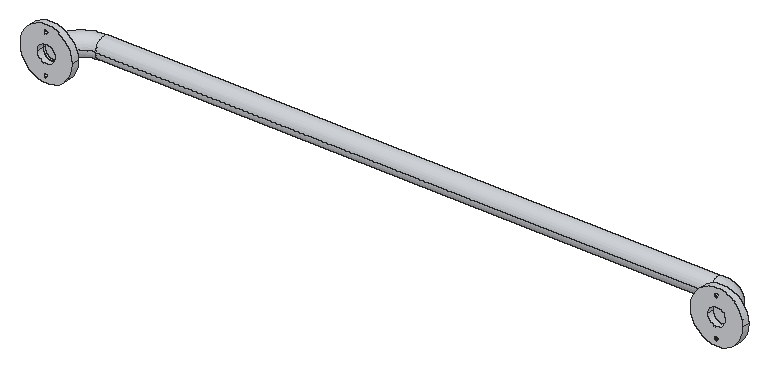
Revit family "AX8032X1117_0002", category Appareils sanitaires, Revit 2016
Family settings
  Hôte = Mur
  Type d'élément = Normal
  Cote de connecteur circulaire = Utiliser le diamètre
  Numéro OmniClass = 23.75.00.00
  Titre OmniClass = Climate Control (HVAC)
  Toujours verticalement = Oui
  Couper avec des vides une fois chargée = Non
  Partagée = Non
  Point de calcul de pièce = Non
Parameters (values of type "Type 1")
  URL = "https://www.axeuro.com/fr/barres-droites/24476-barre-d-appui-ax8032x1117.html"
  Type de produit / Type of product = "Barre de sécurité / Grab bar"  # constant formula
  Référence / Reference = "AX8032X1117"  # constant formula
  Model = ""
  Manufacturer = ""
  Entreprise / Company = "Axeuro"  # constant formula
  Description = ""
Reference planes
  plane 1 "Mur": y = 0
  plane 2 "Centre (gauche/droite)": x = 0
  plane 3 "Arrière": y = 75
  plane 4: z = 0
  plane 5: x = 800
  plane 6: z = 913.522
  plane 7: x = -800
Forms (mm)
  Extrusion 1, solid
    sketch origin (-328, 75, 0) x (-1, 0, 0) y (0, 0, -1)
      loop
        circle (190, -669.455) r 40.5
    from -10 to 0
  Sweep 2, solid
    path origin (552, -18.736, 669.511) x (1, 0, 0) y (0, 1, 0)
      loop
        line (-1070, 103.736) -> (-1070, 105.837)
        arc (-1070, 105.837) -> (-1057.142, 136.878) -> (-1026.102, 149.735) r 43.898
        line (-1026.102, 149.735) -> (-77.898, 149.735)
        arc (-77.898, 149.735) -> (-46.858, 136.878) -> (-34, 105.837) r 43.898
        line (-34, 105.837) -> (-34, 103.736)
    profile origin (0, 131, 669.511) x (0, 1, 0) y (0, 0, 1)
      loop
        circle (0, 0) r 16
  Extrusion 3, void
    sketch origin (368, 0, 0) x (1, 0, 0) y (0, 0, 1)
      loop
        circle (150, 669.455) r 14
    from -88.969 to -75
  Extrusion 4, void
    sketch origin (-368, 0, 0) x (-1, 0, 0) y (0, 0, -1)
      loop
        circle (150, -669.455) r 14
    from -88.969 to -75
  Extrusion 5, void
    sketch origin (-724.122, 0, 1337.127) x (1, 0, 0) y (0, 0, 1)
      loop
        circle (206.122, -697.622) r 3
    from -79.397 to -75
  Extrusion 6, void
    sketch origin (-724.122, 0, 1.883) x (1, 0, 0) y (0, 0, 1)
      loop
        circle (206.122, 697.622) r 3
    from -79.397 to -75
  Extrusion 7, void
    sketch origin (724.122, 0, 1337.127) x (-1, 0, 0) y (0, 0, -1)
      loop
        circle (206.122, 697.622) r 3
    from -79.397 to -75
  Extrusion 8, void
    sketch origin (724.122, 0, 1.883) x (-1, 0, 0) y (0, 0, -1)
      loop
        circle (206.122, -697.622) r 3
    from -79.397 to -75
  Extrusion 9, solid
    sketch origin (328, 75, 0) x (1, 0, 0) y (0, 0, 1)
      loop
        circle (190, 669.455) r 40.5
    from -10 to 0
Cuts and joins
  Extrusion 4 cuts Sweep 2
  Extrusion 4, Extrusion 5, Extrusion 6, Extrusion 7, Extrusion 8 cuts Extrusion 1
  Extrusion 3, Extrusion 7, Extrusion 8 cuts Extrusion 9
Lines and regions (mm)
  reference lines
    curve 1: line (-477.5, 85, 0) -> (477.5, 85, 0)
Text (mm)
  text "Côté de la mise en place" at (-1820.995, 1116.779, 0), in view "Niveau de réf."
  text "Côté de la mise en place" at (0, 1334.055, 2976.191), in view "Gauche"
  text "Côté de la mise en place" at (0, 439.194, 2944.362), in view "Droite"
Dimensions and locks
  locked: plane 3 "Arrière" to host wall
  aligned and locked: plane 1 "Mur" to host wall
  aligned and locked: host sketch curve to plane 4
  aligned and locked: host sketch curve to plane 6
